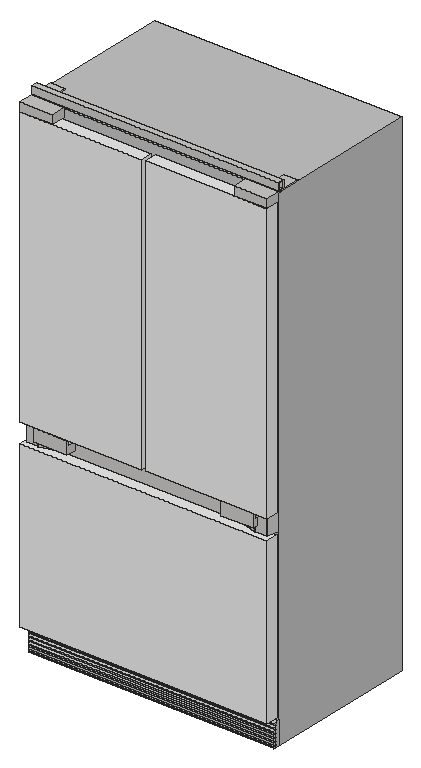
Revit family "FP_Revit_18_RS36A72J1_Fridge_90001165A", category Specialty Equipment, Revit 2018 (continued)
Definition of nested family "F&P Handle Kit - Contemporary Round - Vertical"
  Types (10, lengths in mm): name | Handle - Length | Description
    25374 AHS-ASBI-A - Contemporary round handle (1 of 2) (Vertical) 727mm | 727 | "Kit for RS36"
  Reference planes
    plane 1 "Center (Front/Back)": y = 0
    plane 2: z = 0
    plane 3 "Center (Left/Right)": x = 0
    plane 4 "Top": z = 363.5
    plane 5 "Bottom": z = -363.5
    plane 6 "Top Standoff": z = 243.5
    plane 7 "Bottom Standoff": z = -243.5
  Forms (mm)
    Extrusion 1, solid, material <- "Material - Handle"
      sketch origin (0, 0, 0) x (1, 0, 0) y (0, 1, 0)
        loop
          circle (0, -32.3) r 8.7
      from -243.5 to 243.5
    Extrusion 2, solid, material <- "Material - Handle", detail levels fine
      sketch origin (0, 0, 0) x (1, 0, 0) y (0, 1, 0)
        loop
          line (-8.7, 0) -> (-8.7, -32.3)
          arc (-8.7, -32.3) -> (0, -41) -> (8.7, -32.3) r 8.7
          line (8.7, -32.3) -> (8.7, 0) -> (-8.7, 0)
      from 243.5 to 363.5
    Extrusion 3, solid, material <- "Material - Handle", detail levels fine
      sketch origin (0, 0, 0) x (1, 0, 0) y (0, 1, 0)
        loop
          line (-8.7, 0) -> (-8.7, -32.3)
          arc (-8.7, -32.3) -> (0, -41) -> (8.7, -32.3) r 8.7
          line (8.7, -32.3) -> (8.7, 0) -> (-8.7, 0)
      from -363.5 to -243.5
    Sweep 4, void
      path in 3D
        loop
          line (8.7, 0, -363.5) -> (8.7, -32.3, -363.5)
          arc (8.7, -32.3, -363.5) -> (0, -41, -363.5) -> (-8.7, -32.3, -363.5) r 8.7
          line (-8.7, -32.3, -363.5) -> (-8.7, 0, -363.5)
      profile origin (8.7, -16.15, -363.5) x (-1, 0, 0) y (0, 0, -1)
        loop
          line (0, 0) -> (0, -1) -> (1, 0) -> (0, 0)
    Sweep 5, void
      path in 3D
        loop
          line (-8.7, 0, 363.5) -> (-8.7, -32.3, 363.5)
          arc (-8.7, -32.3, 363.5) -> (0, -41, 363.5) -> (8.7, -32.3, 363.5) r 8.7
          line (8.7, -32.3, 363.5) -> (8.7, 0, 363.5)
      profile origin (8.7, -16.15, 363.5) x (-1, 0, 0) y (0, 0, 1)
        loop
          line (0, 0) -> (0, -1) -> (1, 0) -> (0, 0)
    Extrusion 6, solid, material <- "Material - Handle", detail levels coarse+medium
      sketch origin (0, 0, 0) x (1, 0, 0) y (0, 1, 0)
        loop
          line (-8.7, 0) -> (-8.7, -32.3)
          arc (-8.7, -32.3) -> (0, -41) -> (8.7, -32.3) r 8.7
          line (8.7, -32.3) -> (8.7, 0) -> (-8.7, 0)
      from 243.5 to 363.5
    Extrusion 7, solid, material <- "Material - Handle", detail levels coarse+medium
      sketch origin (0, 0, 0) x (1, 0, 0) y (0, 1, 0)
        loop
          line (-8.7, 0) -> (-8.7, -32.3)
          arc (-8.7, -32.3) -> (0, -41) -> (8.7, -32.3) r 8.7
          line (8.7, -32.3) -> (8.7, 0) -> (-8.7, 0)
      from -363.5 to -243.5
  Cuts and joins
    Sweep 4 cuts Extrusion 3
    Sweep 5 cuts Extrusion 2
  Lines and regions (mm)
    sketch lines
      curve 1: line (8.7, 0, -363.5) -> (8.7, -32.3, -363.5)
      curve 2: arc (-8.7, -32.3, -363.5) -> (0, -41, -363.5) -> (8.7, -32.3, -363.5) r 8.7
      curve 3: line (-8.7, -32.3, -363.5) -> (-8.7, 0, -363.5)
      curve 4: line (8.7, -32.3, 363.5) -> (8.7, 0, 363.5)
      curve 5: arc (8.7, -32.3, 363.5) -> (0, -41, 363.5) -> (-8.7, -32.3, 363.5) r 8.7
      curve 6: line (-8.7, 0, 363.5) -> (-8.7, -32.3, 363.5)
  Dimensions and locks
    equal spacing: plane 4 "Top", level, plane 5 "Bottom"
    "Handle - Length": plane 4 "Top" to plane 5 "Bottom"
    locked: plane 4 "Top" to plane 6 "Top Standoff" at 120
    locked: plane 7 "Bottom Standoff" to plane 5 "Bottom" at 120
    Extrusion 2 sketch curve to Extrusion 2 sketch curve = 17.4 mm
    Extrusion 3 sketch curve to Extrusion 3 sketch curve = 17.4 mm
    Extrusion 6 sketch curve to Extrusion 6 sketch curve = 17.4 mm
    Extrusion 7 sketch curve to Extrusion 7 sketch curve = 17.4 mm
    aligned and locked: level to plane 2
    aligned and locked: plane 4 "Top" to Extrusion 2
    aligned and locked: Extrusion 3 to plane 5 "Bottom"
    aligned and locked: plane 7 "Bottom Standoff" to Extrusion 3
    aligned and locked: Extrusion 1 to plane 7 "Bottom Standoff"
    aligned and locked: plane 6 "Top Standoff" to Extrusion 1
    aligned and locked: Extrusion 2 to Extrusion 1
    aligned and locked: Extrusion 6 to Extrusion 1
    aligned and locked: plane 4 "Top" to Extrusion 6
    aligned and locked: Extrusion 7 to Extrusion 1
    aligned and locked: Extrusion 7 to plane 5 "Bottom"
  Automatic sketch dimensions
    Extrusion 1 sketch curve to plane 3 "Center (Left/Right)" = 0 mm
    plane 1 "Center (Front/Back)" to Extrusion 1 sketch curve = 32.3 mm
    plane 1 "Center (Front/Back)" to Extrusion 2 sketch curve = 0 mm
    Extrusion 2 sketch curve to plane 3 "Center (Left/Right)" = 0 mm
    Extrusion 2 sketch curve to plane 3 "Center (Left/Right)" = 8.7 mm
    plane 1 "Center (Front/Back)" to Extrusion 2 sketch curve = 32.3 mm
    plane 1 "Center (Front/Back)" to Extrusion 3 sketch curve = 0 mm
    Extrusion 3 sketch curve to plane 3 "Center (Left/Right)" = 0 mm
    Extrusion 3 sketch curve to plane 3 "Center (Left/Right)" = 8.7 mm
    plane 1 "Center (Front/Back)" to Extrusion 3 sketch curve = 32.3 mm
    Sweep 4 sketch curve to profile plane = 0 mm  (x2)
    Sweep 4 sketch curve to profile plane = 1 mm  (x2)
    Sweep 5 sketch curve to profile plane = 0 mm  (x2)
    Sweep 5 sketch curve to profile plane = 1 mm  (x2)
    Extrusion 6 sketch curve to plane 3 "Center (Left/Right)" = 0 mm
    Extrusion 6 sketch curve to plane 3 "Center (Left/Right)" = 8.7 mm
    plane 1 "Center (Front/Back)" to Extrusion 6 sketch curve = 32.3 mm
    Extrusion 6 sketch curve to Extrusion 6 sketch curve = 32.3 mm
    Extrusion 7 sketch curve to plane 3 "Center (Left/Right)" = 0 mm
    Extrusion 7 sketch curve to plane 3 "Center (Left/Right)" = 8.7 mm
    plane 1 "Center (Front/Back)" to Extrusion 7 sketch curve = 32.3 mm
    Extrusion 7 sketch curve to Extrusion 7 sketch curve = 32.3 mm
    radius of Extrusion 1 sketch curve = 8.7 mm
Definition of nested family "F&P Handle Kit - Contemporary Square Fine - Horizontal"
  Parameters (values of type "AHD5RD2484W - Contemporary square fine handle (2 of 2) (Horizontal) 494mm")
    URL = "www.fisherpaykel.com"
    Material - Handle = none
    Manufacturer = "Fisher & Paykel Appliances"
    Handle - Length = 494 mm
  Types (15, lengths in mm): name | Handle - Length
    (no name) | 494
    AHD5RD2484W - Contemporary square fine handle (2 of 2) (Horizontal) 494mm | 494
    AHD5RD2484WB - Contemporary square fine black handle (2 of 2) (Horizontal) 494mm | 494
    AHD5RD3084W - Contemporary square fine handle (2 of 2) (Horizontal) 646mm | 646
    AHD5RD3084WB - Contemporary square fine black handle (2 of 2) (Horizontal) 646mm | 646
    AHD5RD7621W - Contemporary square fine handle (2 of 2) (Horizontal) 646mm | 646
    AHD5RD7621WB - Contemporary square fine handle black (2 of 2) (Horizontal) 646mm | 646
    AHD5RD6121W - Contemporary square fine handle (2 of 2) (Horizontal) 494mm | 494
    AHD5RD6121WB - Contemporary square fine handle black (2 of 2) (Horizontal) 494mm | 494
    AHD5RD36A - Contemporary square fine handle (2 of 2) (Horizontal) 746mm | 746
    AHD5RD36AB - Contemporary square fine black handle (2 of 2) (Horizontal) 746mm | 746
    AHD5RD90A - Contemporary square fine handle (2 of 2) (Horizontal) 746mm | 746
    AHD5RD80A - Contemporary square fine handle (2 of 2) (Horizontal) 646mm | 646
    AHD5RD80AB - Contemporary square fine black handle (2 of 2) (Horizontal) 646mm | 646
    AHD5RD90AB - Contemporary square fine black handle (2 of 2) (Horizontal) 746mm | 746
  Reference planes
    plane 1 "Center (Front/Back)": y = 0
    plane 2: z = 0
    plane 3 "Center (Left/Right)": x = 0
    plane 4 "Product LHS": x = -247
    plane 5 "Product RHS": x = 247
    plane 6 "LHS Standoff": x = -126.995
    plane 7 "RHS Standoff": x = 127.005
  Forms (mm)
    Extrusion 1, solid, material <- "Material - Handle", detail levels fine
      sketch origin (0, 0, 0) x (0, 1, 0) y (0, 0, 1)
        loop
          arc (-26.813, 6.16) -> (-27.196, 6.554) -> (-27.728, 6.686) r 1
          line (-27.728, 6.686) -> (-40.035, 6.256)
          arc (-40.035, 6.256) -> (-40.719, 5.951) -> (-41, 5.257) r 1
          line (-41, 5.257) -> (-41, -5.257)
          arc (-41, -5.257) -> (-40.719, -5.951) -> (-40.035, -6.256) r 1
          line (-40.035, -6.256) -> (-27.709, -6.686)
          arc (-27.709, -6.686) -> (-27.175, -6.554) -> (-26.792, -6.158) r 1
          arc (-26.792, -6.158) -> (-25.256, 0.004) -> (-26.813, 6.16) r 13.038
      from -247 to 247
    Extrusion 2, solid, material <- "Material - Handle", detail levels fine
      sketch origin (0, 0, 0) x (0, 1, 0) y (0, 0, 1)
        loop
          arc (-26.626, -6.008) -> (-26.614, -6.49) -> (-26.2, -6.737) r 0.5
          line (-26.2, -6.737) -> (0, -7.696) -> (0, 7.704) -> (-26.174, 6.747)
          arc (-26.174, 6.747) -> (-26.587, 6.5) -> (-26.6, 6.019) r 0.5
          arc (-26.6, 6.019) -> (-25.156, 0.002) -> (-26.626, -6.008) r 13.136
      from 127.005 to 247
    Extrusion 3, solid, material <- "Material - Handle", detail levels coarse+medium
      sketch origin (0, 0, 0) x (1, 0, 0) y (0, 1, 0)
        loop
          line (-247, -42) -> (247, -42) -> (247, 0) -> (127.005, 0) -> (127.005, -26.156) -> (-126.995, -26.156) -> (-126.995, 0) -> (-247, 0) -> (-247, -42)
      from -8.022 to 7.978
    Extrusion 4, solid, material <- "Material - Handle", detail levels fine
      sketch origin (0, 0, 0) x (0, 1, 0) y (0, 0, 1)
        loop
          arc (-26.626, -6.008) -> (-26.614, -6.49) -> (-26.2, -6.737) r 0.5
          line (-26.2, -6.737) -> (0, -7.696) -> (0, 7.704) -> (-26.174, 6.747)
          arc (-26.174, 6.747) -> (-26.587, 6.5) -> (-26.6, 6.019) r 0.5
          arc (-26.6, 6.019) -> (-25.156, 0.002) -> (-26.626, -6.008) r 13.136
      from -247 to -126.995
  Dimensions and locks
    equal spacing: plane 4 "Product LHS", plane 3 "Center (Left/Right)", plane 5 "Product RHS"
    "Handle - Length": plane 4 "Product LHS" to plane 5 "Product RHS"
    locked: plane 4 "Product LHS" to plane 6 "LHS Standoff" at 120.005
    locked: plane 7 "RHS Standoff" to plane 5 "Product RHS" at 119.995
    aligned and locked: level to plane 2
    aligned and locked: Extrusion 1 to plane 5 "Product RHS"
    aligned and locked: plane 4 "Product LHS" to Extrusion 1
    aligned and locked: Extrusion 2 to plane 5 "Product RHS"
    aligned and locked: plane 4 "Product LHS" to Extrusion 3 sketch curve
    aligned and locked: Extrusion 3 sketch curve to plane 5 "Product RHS"
    aligned and locked: Extrusion 3 sketch curve to plane 7 "RHS Standoff"
    aligned and locked: plane 6 "LHS Standoff" to Extrusion 3 sketch curve
    aligned and locked: plane 4 "Product LHS" to Extrusion 4
    aligned and locked: plane 6 "LHS Standoff" to Extrusion 4
    aligned and locked: Extrusion 2 to plane 7 "RHS Standoff"
  Automatic sketch dimensions
    Extrusion 1 sketch curve to level = 5.257 mm
    plane 1 "Center (Front/Back)" to Extrusion 1 sketch curve = 41 mm
    level to Extrusion 1 sketch curve = 6.256 mm
    Extrusion 1 sketch curve to Extrusion 1 sketch curve = 0.965 mm  (x2)
    Extrusion 1 sketch curve to level = 6.256 mm
    Extrusion 1 sketch curve to Extrusion 1 sketch curve = 0.035 mm  (x3)
    Extrusion 1 sketch curve to level = 0.018 mm
    Extrusion 1 sketch curve to Extrusion 1 sketch curve = 1.706 mm
    level to Extrusion 1 sketch curve = 6.686 mm
    Extrusion 1 sketch curve to Extrusion 1 sketch curve = 12.307 mm
    Extrusion 1 sketch curve to level = 6.686 mm
    Extrusion 1 sketch curve to Extrusion 1 sketch curve = 12.326 mm
    Extrusion 1 sketch curve to Extrusion 1 sketch curve = 0.999 mm  (x2)
    Extrusion 1 sketch curve to Extrusion 1 sketch curve = 0 mm
    Extrusion 2 sketch curve to plane 1 "Center (Front/Back)" = 0 mm
    level to Extrusion 2 sketch curve = 6.247 mm
    plane 1 "Center (Front/Back)" to Extrusion 2 sketch curve = 26.155 mm
    level to Extrusion 2 sketch curve = 6.747 mm
    Extrusion 2 sketch curve to Extrusion 2 sketch curve = 0.018 mm  (x2)
    Extrusion 2 sketch curve to level = 6.238 mm
    Extrusion 2 sketch curve to Extrusion 2 sketch curve = 0.026 mm
    Extrusion 2 sketch curve to level = 6.737 mm
    level to Extrusion 2 sketch curve = 0.03 mm
    Extrusion 2 sketch curve to Extrusion 2 sketch curve = 12.11 mm
    Extrusion 2 sketch curve to level = 7.696 mm
    level to Extrusion 2 sketch curve = 7.704 mm
    Extrusion 2 sketch curve to Extrusion 2 sketch curve = 0 mm
    plane 1 "Center (Front/Back)" to Extrusion 3 sketch curve = 42 mm
    Extrusion 3 sketch curve to Extrusion 3 sketch curve = 15.844 mm
    Extrusion 3 sketch curve to Extrusion 3 sketch curve = 26.156 mm  (x2)
    level to Extrusion 4 sketch curve = 0.03 mm
    plane 1 "Center (Front/Back)" to Extrusion 4 sketch curve = 38.291 mm
    Extrusion 4 sketch curve to level = 6.737 mm
    Extrusion 4 sketch curve to Extrusion 4 sketch curve = 12.091 mm
    Extrusion 4 sketch curve to Extrusion 4 sketch curve = 0.018 mm  (x2)
    level to Extrusion 4 sketch curve = 6.747 mm
    Extrusion 4 sketch curve to Extrusion 4 sketch curve = 0.008 mm
    level to Extrusion 4 sketch curve = 7.704 mm
    Extrusion 4 sketch curve to Extrusion 4 sketch curve = 26.174 mm
    Extrusion 4 sketch curve to level = 7.696 mm
    Extrusion 4 sketch curve to Extrusion 4 sketch curve = 0.5 mm  (x2)
    Extrusion 4 sketch curve to Extrusion 4 sketch curve = 0 mm
Definition of nested family "F&P Handle Kit - Contemporary Square Fine - Vertical"
  Parameters (values of type "AHD5RD90AB - Contemporary square fine black handle (1 of 2) (Vertical) 727mm")
    URL = "www.fisherpaykel.com"
    Material - Handle = none
    Manufacturer = "Fisher & Paykel Appliances"
    Handle - Length = 727 mm
  Types (14): name
    AHD5RD2484W - Contemporary square fine handle (1 of 2) (Vertical) 727mm
    AHD5RD2484WB - Contemporary square fine black handle (1 of 2) (Vertical) 727mm
    AHD5RD3084W - Contemporary square fine handle (1 of 2) (Vertical) 727mm
    AHD5RD3084WB - Contemporary square fine black handle (1 of 2) (Vertical) 727mm
    AHD5RD6121W - Contemporary square fine handle (1 of 2) (Vertical) 727mm
    AHD5RD6121WB - Contemporary square fine black handle (1 of 2) (Vertical) 727mm
    AHD5RD7621W - Contemporary square fine handle (1 of 2) (Vertical) 727mm
    AHD5RD7621WB - Contemporary square fine black handle (1 of 2) (Vertical) 727mm
    AHD5RD36A - Contemporary square fine handle (1 of 2) (Vertical) 727mm
    AHD5RD36AB - Contemporary square fine black handle (1 of 2) (Vertical) 727mm
    AHD5RD80A - Contemporary square fine handle (1 of 2) (Vertical) 727mm
    AHD5RD90A - Contemporary square fine handle (1 of 2) (Vertical) 727mm
    AHD5RD80AB - Contemporary square fine black handle (1 of 2) (Vertical) 727mm
    AHD5RD90AB - Contemporary square fine black handle (1 of 2) (Vertical) 727mm
  Reference planes
    plane 1 "Center (Front/Back)": y = 0
    plane 2: z = 0
    plane 3 "Center (Left/Right)": x = 0
    plane 4 "Top": z = 363.5
    plane 5 "Bottom": z = -363.5
    plane 6 "Top Standoff": z = 243.5
    plane 7 "Bottom Standoff": z = -243.5
  Forms (mm)
    Extrusion 1, solid, material <- "Material - Handle", detail levels fine
      sketch origin (0, 0, 0) x (1, 0, 0) y (0, 1, 0)
        loop
          arc (-6.16, -26.813) -> (-6.554, -27.196) -> (-6.686, -27.728) r 1
          line (-6.686, -27.728) -> (-6.256, -40.035)
          arc (-6.256, -40.035) -> (-5.951, -40.719) -> (-5.257, -41) r 1
          line (-5.257, -41) -> (5.257, -41)
          arc (5.257, -41) -> (5.951, -40.719) -> (6.256, -40.035) r 1
          line (6.256, -40.035) -> (6.686, -27.709)
          arc (6.686, -27.709) -> (6.554, -27.175) -> (6.158, -26.792) r 1
          arc (6.158, -26.792) -> (-0.004, -25.256) -> (-6.16, -26.813) r 13.038
      from -363.5 to 363.5
    Extrusion 2, solid, material <- "Material - Handle", detail levels fine
      sketch origin (0, 0, 0) x (1, 0, 0) y (0, 1, 0)
        loop
          arc (6.012, -26.626) -> (6.494, -26.614) -> (6.741, -26.2) r 0.5
          line (6.741, -26.2) -> (7.7, 0) -> (-7.7, 0) -> (-6.742, -26.174)
          arc (-6.742, -26.174) -> (-6.496, -26.587) -> (-6.015, -26.6) r 0.5
          arc (-6.015, -26.6) -> (0.002, -25.156) -> (6.012, -26.626) r 13.136
      from 243.5 to 363.5
    Extrusion 3, solid, material <- "Material - Handle", detail levels coarse+medium
      sketch origin (0, 0, 0) x (0, 1, 0) y (0, 0, 1)
        loop
          line (0, 363.5) -> (-42, 363.5) -> (-42, -363.5) -> (0, -363.5) -> (0, -243.5) -> (-26.245, -243.5) -> (-26.245, 243.5) -> (0, 243.5) -> (0, 363.5)
      from -8 to 8
    Extrusion 4, solid, material <- "Material - Handle", detail levels fine
      sketch origin (0, 0, 0) x (1, 0, 0) y (0, 1, 0)
        loop
          arc (6.012, -26.626) -> (6.494, -26.614) -> (6.741, -26.2) r 0.5
          line (6.741, -26.2) -> (7.7, 0) -> (-7.7, 0) -> (-6.742, -26.174)
          arc (-6.742, -26.174) -> (-6.496, -26.587) -> (-6.015, -26.6) r 0.5
          arc (-6.015, -26.6) -> (0.002, -25.156) -> (6.012, -26.626) r 13.136
      from -363.5 to -243.5
  Dimensions and locks
    equal spacing: plane 4 "Top", level, plane 5 "Bottom"
    "Handle - Length": plane 4 "Top" to plane 5 "Bottom"
    locked: plane 4 "Top" to plane 6 "Top Standoff" at 120
    locked: plane 7 "Bottom Standoff" to plane 5 "Bottom" at 120
    aligned and locked: level to plane 2
    aligned and locked: plane 4 "Top" to Extrusion 2
    aligned and locked: Extrusion 2 to plane 6 "Top Standoff"
    aligned and locked: plane 4 "Top" to Extrusion 1
    aligned and locked: Extrusion 1 to plane 5 "Bottom"
    aligned and locked: plane 4 "Top" to Extrusion 3 sketch curve
    aligned and locked: plane 6 "Top Standoff" to Extrusion 3 sketch curve
    aligned and locked: plane 7 "Bottom Standoff" to Extrusion 3 sketch curve
    aligned and locked: plane 5 "Bottom" to Extrusion 3 sketch curve
    aligned and locked: Extrusion 4 to plane 5 "Bottom"
    aligned and locked: plane 7 "Bottom Standoff" to Extrusion 4
  Automatic sketch dimensions
    Extrusion 1 sketch curve to plane 3 "Center (Left/Right)" = 6.686 mm
    Extrusion 1 sketch curve to plane 3 "Center (Left/Right)" = 6.256 mm
    Extrusion 1 sketch curve to Extrusion 1 sketch curve = 0.999 mm  (x4)
    plane 3 "Center (Left/Right)" to Extrusion 1 sketch curve = 0.018 mm
    plane 3 "Center (Left/Right)" to Extrusion 1 sketch curve = 5.257 mm
    plane 3 "Center (Left/Right)" to Extrusion 1 sketch curve = 5.687 mm
    plane 1 "Center (Front/Back)" to Extrusion 1 sketch curve = 41 mm
    Extrusion 1 sketch curve to Extrusion 1 sketch curve = 0.965 mm  (x2)
    Extrusion 1 sketch curve to Extrusion 1 sketch curve = 1.706 mm
    Extrusion 1 sketch curve to Extrusion 1 sketch curve = 12.307 mm
    Extrusion 1 sketch curve to Extrusion 1 sketch curve = 12.326 mm
    Extrusion 1 sketch curve to Extrusion 1 sketch curve = 0.035 mm  (x2)
    Extrusion 1 sketch curve to Extrusion 1 sketch curve = 0 mm
    plane 1 "Center (Front/Back)" to Extrusion 2 sketch curve = 0 mm
    Extrusion 2 sketch curve to plane 3 "Center (Left/Right)" = 7.7 mm
    Extrusion 2 sketch curve to plane 3 "Center (Left/Right)" = 6.742 mm
    Extrusion 2 sketch curve to Extrusion 2 sketch curve = 0.5 mm  (x2)
    Extrusion 2 sketch curve to plane 3 "Center (Left/Right)" = 0.026 mm
    plane 3 "Center (Left/Right)" to Extrusion 2 sketch curve = 6.242 mm
    plane 3 "Center (Left/Right)" to Extrusion 2 sketch curve = 7.7 mm
    plane 1 "Center (Front/Back)" to Extrusion 2 sketch curve = 26.155 mm
    Extrusion 2 sketch curve to Extrusion 2 sketch curve = 0.018 mm  (x2)
    Extrusion 2 sketch curve to Extrusion 2 sketch curve = 0.026 mm
    Extrusion 2 sketch curve to Extrusion 2 sketch curve = 12.11 mm
    Extrusion 2 sketch curve to Extrusion 2 sketch curve = 0 mm
    plane 1 "Center (Front/Back)" to Extrusion 3 sketch curve = 42 mm
    Extrusion 3 sketch curve to Extrusion 3 sketch curve = 15.755 mm
    Extrusion 3 sketch curve to Extrusion 3 sketch curve = 42 mm  (x2)
    Extrusion 4 sketch curve to plane 3 "Center (Left/Right)" = 7.7 mm
    Extrusion 4 sketch curve to plane 3 "Center (Left/Right)" = 6.742 mm
    Extrusion 4 sketch curve to Extrusion 4 sketch curve = 0.5 mm  (x2)
    Extrusion 4 sketch curve to plane 3 "Center (Left/Right)" = 0.026 mm
    plane 3 "Center (Left/Right)" to Extrusion 4 sketch curve = 6.242 mm
    plane 3 "Center (Left/Right)" to Extrusion 4 sketch curve = 7.7 mm
    plane 1 "Center (Front/Back)" to Extrusion 4 sketch curve = 38.291 mm
    Extrusion 4 sketch curve to Extrusion 4 sketch curve = 12.091 mm
    Extrusion 4 sketch curve to Extrusion 4 sketch curve = 0.018 mm  (x2)
    Extrusion 4 sketch curve to Extrusion 4 sketch curve = 0.452 mm
    Extrusion 4 sketch curve to Extrusion 4 sketch curve = 26.174 mm
    Extrusion 4 sketch curve to Extrusion 4 sketch curve = 0 mm
Definition of nested family "F&P Handle Kit - Professional Round - Horizontal"
  Parameters (values of type "AHCRS3272A - Professional round handle (2 of 2) (Horizontal) 646mm")
    URL = "www.fisherpaykel.com"
    Material - Standoff = none
    Material - Handle = none
    Manufacturer = "Fisher & Paykel Appliances"
    Handle - Length = 646 mm
  Types (5, lengths in mm): name | Handle - Length
    AHCRD2484W - Professional round handle (2 of 2) (Horizontal) 428mm | 428
    AHCRD3084W - Professional round handle (2 of 2) (Horizontal) 580mm | 646
    AHCRS3272A - Professional round handle (2 of 2) (Horizontal) 646mm | 646
    AHCRS36A - Professional round handle (2 of 2) (Horizontal) 746mm | 746
    AHCRS3272A - Professional round handle (2 of 2) (Horizontal) 580mm | 646
  Reference planes
    plane 1 "Center (Front/Back)": y = 0
    plane 2: z = 0
    plane 3 "Center (Left/Right)": x = 0
    plane 4 "Product LHS": x = -323
    plane 5 "Product RHS": x = 323
    plane 6 "LHS Standoff": x = -279
    plane 7 "RHS Standoff": x = 279
  Forms (mm)
    Extrusion 1, solid, material <- "Material - Standoff", detail levels fine
      sketch origin (0, 0, 0) x (0, 1, 0) y (0, 0, 1)
        loop
          line (0, 18.5) -> (-41.7, 18.5)
          arc (-41.7, 18.5) -> (-60.2, 0) -> (-41.7, -18.5) r 18.5
          line (-41.7, -18.5) -> (0, -18.5) -> (0, 18.5)
      from 279 to 323
    Extrusion 2, solid, material <- "Material - Standoff", detail levels fine
      sketch origin (0, 0, 0) x (0, 1, 0) y (0, 0, 1)
        loop
          line (0, 18.5) -> (-41.7, 18.5)
          arc (-41.7, 18.5) -> (-60.2, 0) -> (-41.7, -18.5) r 18.5
          line (-41.7, -18.5) -> (0, -18.5) -> (0, 18.5)
      from -323 to -279
    Sweep 3, void
      path in 3D
        loop
          line (323, 0, 18.5) -> (323, -41.7, 18.5)
          arc (323, -41.7, 18.5) -> (323, -60.2, 0) -> (323, -41.7, -18.5) r 18.5
          line (323, -41.7, -18.5) -> (323, 0, -18.5)
      profile origin (323, -20.85, 18.5) x (1, 0, 0) y (0, 0, 1)
        loop
          line (0, 0) -> (-3, 0) -> (0, -3) -> (0, 0)
    Sweep 4, void
      path in 3D
        loop
          line (-323, 0, -18.5) -> (-323, -41.7, -18.5)
          arc (-323, -41.7, -18.5) -> (-323, -60.2, 0) -> (-323, -41.7, 18.5) r 18.5
          line (-323, -41.7, 18.5) -> (-323, 0, 18.5)
      profile origin (-323, -20.85, 18.5) x (-1, 0, 0) y (0, 0, 1)
        loop
          line (0, 0) -> (-3, 0) -> (0, -3) -> (0, 0)
    Extrusion 5, solid, material <- "Material - Handle"
      sketch origin (0, -2.3, 0) x (0, 1, 0) y (0, 0, 1)
        loop
          circle (-39.4, 0) r 12.7
      from -279 to 279
    Extrusion 6, solid, material <- "Material - Standoff", detail levels coarse+medium
      sketch origin (0, 0, 0) x (0, 1, 0) y (0, 0, 1)
        loop
          line (0, 18.5) -> (-41.7, 18.5)
          arc (-41.7, 18.5) -> (-60.2, 0) -> (-41.7, -18.5) r 18.5
          line (-41.7, -18.5) -> (0, -18.5) -> (0, 18.5)
      from 323 to 279
    Extrusion 7, solid, material <- "Material - Standoff", detail levels coarse+medium
      sketch origin (0, 0, 0) x (0, 1, 0) y (0, 0, 1)
        loop
          line (0, 18.5) -> (-41.7, 18.5)
          arc (-41.7, 18.5) -> (-60.2, 0) -> (-41.7, -18.5) r 18.5
          line (-41.7, -18.5) -> (0, -18.5) -> (0, 18.5)
      from -279 to -323
  Cuts and joins
    Sweep 3 cuts Extrusion 1
    Sweep 4 cuts Extrusion 2
  Lines and regions (mm)
    sketch lines
      curve 1: line (323, 0, 18.5) -> (323, -41.7, 18.5)
      curve 2: arc (323, -41.7, -18.5) -> (323, -60.2, 0) -> (323, -41.7, 18.5) r 18.5
      curve 3: line (323, -41.7, -18.5) -> (323, 0, -18.5)
      curve 4: line (-323, -41.7, 18.5) -> (-323, 0, 18.5)
      curve 5: arc (-323, -41.7, 18.5) -> (-323, -60.2, 0) -> (-323, -41.7, -18.5) r 18.5
      curve 6: line (-323, 0, -18.5) -> (-323, -41.7, -18.5)
  Dimensions and locks
    equal spacing: plane 4 "Product LHS", plane 3 "Center (Left/Right)", plane 5 "Product RHS"
    "Handle - Length": plane 4 "Product LHS" to plane 5 "Product RHS"
    plane 4 "Product LHS" to plane 6 "LHS Standoff" = 44 mm
    plane 7 "RHS Standoff" to plane 5 "Product RHS" = 44 mm
    aligned and locked: level to plane 2
    aligned and locked: Extrusion 1 to plane 7 "RHS Standoff"
    aligned and locked: Extrusion 1 to plane 5 "Product RHS"
    aligned and locked: plane 4 "Product LHS" to Extrusion 2
    aligned and locked: plane 6 "LHS Standoff" to Extrusion 2
    aligned and locked: Extrusion 5 to plane 6 "LHS Standoff"
    aligned and locked: plane 7 "RHS Standoff" to Extrusion 5
    aligned and locked: plane 5 "Product RHS" to Extrusion 6
    aligned and locked: plane 7 "RHS Standoff" to Extrusion 6
    aligned and locked: Extrusion 7 to plane 4 "Product LHS"
    aligned and locked: Extrusion 7 to plane 6 "LHS Standoff"
  Automatic sketch dimensions
    Extrusion 1 sketch curve to level = 0 mm
    Extrusion 1 sketch curve to plane 1 "Center (Front/Back)" = 0 mm
    Extrusion 1 sketch curve to level = 18.5 mm
    plane 1 "Center (Front/Back)" to Extrusion 1 sketch curve = 41.7 mm
    Extrusion 2 sketch curve to level = 0 mm
    Extrusion 2 sketch curve to plane 1 "Center (Front/Back)" = 0 mm
    Extrusion 2 sketch curve to level = 18.5 mm
    plane 1 "Center (Front/Back)" to Extrusion 2 sketch curve = 41.7 mm
    Sweep 3 sketch curve to profile plane = 0 mm
    profile plane to Sweep 3 sketch curve = 0 mm
    profile plane to Sweep 3 sketch curve = 3 mm
    Sweep 3 sketch curve to profile plane = 3 mm
    Sweep 4 sketch curve to profile plane = 0 mm  (x2)
    profile plane to Sweep 4 sketch curve = 3 mm
    Sweep 4 sketch curve to profile plane = 3 mm
    Extrusion 5 sketch curve to level = 0 mm
    plane 1 "Center (Front/Back)" to Extrusion 5 sketch curve = 41.7 mm
    Extrusion 6 sketch curve to level = 0 mm
    level to Extrusion 6 sketch curve = 18.5 mm
    plane 1 "Center (Front/Back)" to Extrusion 6 sketch curve = 41.7 mm
    Extrusion 6 sketch curve to Extrusion 6 sketch curve = 41.7 mm
    Extrusion 7 sketch curve to level = 0 mm
    level to Extrusion 7 sketch curve = 18.5 mm
    plane 1 "Center (Front/Back)" to Extrusion 7 sketch curve = 41.7 mm
    Extrusion 7 sketch curve to Extrusion 7 sketch curve = 41.7 mm
    radius of Extrusion 5 sketch curve = 12.7 mm
Definition of nested family "F&P Handle Kit - Professional Round - Vertical"
  Parameters (values of type "AHCRS36A - Professional round handle (1 of 2) (Vertical) 661mm")
    URL = "www.fisherpaykel.com"
    Material - Standoff = none
    Material - Handle = none
    Manufacturer = "Fisher & Paykel Appliances"
    Handle - Length = 661 mm
  Types (5, lengths in mm): name | Handle - Length
    AHCRD2484W - Professional round handle (1 of 2) (Vertical) 661mm | 661
    AHCRD3084W - Professional round handle (1 of 2) (Vertical) 661mm | 661
    AHC-RD84 - Professional round handle (Vertical) 786mm | 786
    AHCRS3272A - Professional round handle (1 of 2) (Vertical) 661mm | 661
    AHCRS36A - Professional round handle (1 of 2) (Vertical) 661mm | 661
  Reference planes
    plane 1 "Center (Front/Back)": y = 0
    plane 2: z = 0
    plane 3 "Center (Left/Right)": x = 0
    plane 4 "Top": z = 330.5
    plane 5 "Bottom": z = -330.5
    plane 6 "Top Standoff": z = 286.5
    plane 7 "Bottom Standoff": z = -286.5
  Forms (mm)
    Extrusion 1, solid, material <- "Material - Standoff", detail levels fine
      sketch origin (0, 0, 0) x (1, 0, 0) y (0, 1, 0)
        loop
          line (-18.5, 0) -> (-18.5, -41.7)
          arc (-18.5, -41.7) -> (0, -60.2) -> (18.5, -41.7) r 18.5
          line (18.5, -41.7) -> (18.5, 0) -> (-18.5, 0)
      from 286.5 to 330.5
    Extrusion 2, solid, material <- "Material - Standoff", detail levels fine
      sketch origin (0, 0, 0) x (1, 0, 0) y (0, 1, 0)
        loop
          line (-18.5, 0) -> (-18.5, -41.7)
          arc (-18.5, -41.7) -> (0, -60.2) -> (18.5, -41.7) r 18.5
          line (18.5, -41.7) -> (18.5, 0) -> (-18.5, 0)
      from -330.5 to -286.5
    Extrusion 3, solid, material <- "Material - Handle"
      sketch origin (0, 0, 0) x (1, 0, 0) y (0, 1, 0)
        loop
          circle (0, -41.7) r 12.7
      from -286.5 to 286.5
    Sweep 4, void
      path in 3D
        loop
          line (-18.5, 0, 330.5) -> (-18.5, -41.7, 330.5)
          arc (-18.5, -41.7, 330.5) -> (0, -60.2, 330.5) -> (18.5, -41.7, 330.5) r 18.5
          line (18.5, -41.7, 330.5) -> (18.5, 0, 330.5)
      profile origin (18.5, -20.85, 330.5) x (-1, 0, 0) y (0, 0, 1)
        loop
          line (0, 0) -> (0, -3) -> (3, 0) -> (0, 0)
    Sweep 5, void
      path in 3D
        loop
          line (18.5, 0, -330.5) -> (18.5, -41.7, -330.5)
          arc (18.5, -41.7, -330.5) -> (0, -60.2, -330.5) -> (-18.5, -41.7, -330.5) r 18.5
          line (-18.5, -41.7, -330.5) -> (-18.5, 0, -330.5)
      profile origin (18.5, -20.85, -330.5) x (-1, 0, 0) y (0, 0, -1)
        loop
          line (0, 0) -> (0, -3) -> (3, 0) -> (0, 0)
    Extrusion 6, solid, material <- "Material - Standoff", detail levels coarse+medium
      sketch origin (0, 0, 0) x (1, 0, 0) y (0, 1, 0)
        loop
          line (-18.5, 0) -> (-18.5, -41.7)
          arc (-18.5, -41.7) -> (0, -60.2) -> (18.5, -41.7) r 18.5
          line (18.5, -41.7) -> (18.5, 0) -> (-18.5, 0)
      from 286.5 to 330.5
    Extrusion 7, solid, material <- "Material - Standoff", detail levels coarse+medium
      sketch origin (0, 0, 0) x (1, 0, 0) y (0, 1, 0)
        loop
          line (-18.5, 0) -> (-18.5, -41.7)
          arc (-18.5, -41.7) -> (0, -60.2) -> (18.5, -41.7) r 18.5
          line (18.5, -41.7) -> (18.5, 0) -> (-18.5, 0)
      from -330.5 to -286.5
  Cuts and joins
    Sweep 4 cuts Extrusion 1
    Sweep 5 cuts Extrusion 2
  Lines and regions (mm)
    sketch lines
      curve 1: line (18.5, -41.7, 330.5) -> (18.5, 0, 330.5)
      curve 2: arc (18.5, -41.7, 330.5) -> (0, -60.2, 330.5) -> (-18.5, -41.7, 330.5) r 18.5
      curve 3: line (-18.5, 0, 330.5) -> (-18.5, -41.7, 330.5)
      curve 4: line (18.5, 0, -330.5) -> (18.5, -41.7, -330.5)
      curve 5: arc (-18.5, -41.7, -330.5) -> (0, -60.2, -330.5) -> (18.5, -41.7, -330.5) r 18.5
      curve 6: line (-18.5, -41.7, -330.5) -> (-18.5, 0, -330.5)
  Dimensions and locks
    equal spacing: plane 4 "Top", level, plane 5 "Bottom"
    "Handle - Length": plane 4 "Top" to plane 5 "Bottom"
    plane 4 "Top" to plane 6 "Top Standoff" = 44 mm
    plane 7 "Bottom Standoff" to plane 5 "Bottom" = 44 mm
    aligned and locked: level to plane 2
    aligned and locked: plane 4 "Top" to Extrusion 1
    aligned and locked: Extrusion 1 to plane 6 "Top Standoff"
    aligned and locked: Extrusion 2 to plane 5 "Bottom"
    aligned and locked: plane 7 "Bottom Standoff" to Extrusion 2
    aligned and locked: plane 6 "Top Standoff" to Extrusion 3
    aligned and locked: Extrusion 3 to plane 7 "Bottom Standoff"
    aligned and locked: plane 4 "Top" to Extrusion 6
    aligned and locked: Extrusion 7 to plane 5 "Bottom"
    aligned and locked: plane 7 "Bottom Standoff" to Extrusion 7
    aligned and locked: Extrusion 6 to plane 6 "Top Standoff"
  Automatic sketch dimensions
    plane 1 "Center (Front/Back)" to Extrusion 1 sketch curve = 0 mm
    Extrusion 1 sketch curve to plane 3 "Center (Left/Right)" = 0 mm
    Extrusion 1 sketch curve to plane 3 "Center (Left/Right)" = 18.5 mm
    plane 1 "Center (Front/Back)" to Extrusion 1 sketch curve = 41.7 mm
    plane 1 "Center (Front/Back)" to Extrusion 2 sketch curve = 0 mm
    Extrusion 2 sketch curve to plane 3 "Center (Left/Right)" = 0 mm
    Extrusion 2 sketch curve to plane 3 "Center (Left/Right)" = 18.5 mm
    plane 1 "Center (Front/Back)" to Extrusion 2 sketch curve = 41.7 mm
    Extrusion 3 sketch curve to plane 3 "Center (Left/Right)" = 0 mm
    plane 1 "Center (Front/Back)" to Extrusion 3 sketch curve = 41.7 mm
    Sweep 4 sketch curve to profile plane = 0 mm  (x2)
    Sweep 4 sketch curve to profile plane = 3 mm  (x2)
    Sweep 5 sketch curve to profile plane = 0 mm  (x2)
    Sweep 5 sketch curve to profile plane = 3 mm  (x2)
    Extrusion 6 sketch curve to plane 3 "Center (Left/Right)" = 0 mm
    Extrusion 6 sketch curve to plane 3 "Center (Left/Right)" = 18.5 mm
    plane 1 "Center (Front/Back)" to Extrusion 6 sketch curve = 41.7 mm
    Extrusion 6 sketch curve to Extrusion 6 sketch curve = 41.7 mm
    Extrusion 7 sketch curve to plane 3 "Center (Left/Right)" = 0 mm
    Extrusion 7 sketch curve to plane 3 "Center (Left/Right)" = 18.5 mm
    plane 1 "Center (Front/Back)" to Extrusion 7 sketch curve = 41.7 mm
    Extrusion 7 sketch curve to Extrusion 7 sketch curve = 41.7 mm
    radius of Extrusion 3 sketch curve = 12.7 mm
Definition of nested family "F&P Handle Kit - Professional Square - Horizontal"
  Parameters (values of type "AHV2RS36A - Professional square handle (2 of 2) (Horizontal) 686mm")
    URL = "www.fisherpaykel.com"
    Material - Handle = none
    Manufacturer = "Fisher & Paykel Appliances"
    Handle - Length = 686 mm
  Types (5, lengths in mm): name | Handle - Length
    (no name) | 686
    AHV2RD2484W - Professional square handle (2 of 2) (Horizontal) 434mm | 434
    AHV2RD3084W - Professional square handle (2 of 2) (Horizontal) 586mm | 586
    AHV2RS3272A - Professional square handle (2 of 2) (Horizontal) 586mm | 586
    AHV2RS36A - Professional square handle (2 of 2) (Horizontal) 686mm | 686
  Reference planes
    plane 1 "Center (Front/Back)": y = 0
    plane 2: z = 0
    plane 3 "Center (Left/Right)": x = 0
    plane 4 "Product LHS": x = -343
    plane 5 "Product RHS": x = 343
    plane 6 "LHS Standoff": x = -293
    plane 7 "RHS Standoff": x = 293
  Forms (mm)
    Extrusion 1, solid, material <- "Material - Handle", detail levels fine
      sketch origin (0, 0, 0) x (1, 0, 0) y (0, 1, 0)
        loop
          line (-343, 0) -> (-343, -40)
          arc (-343, -40) -> (-340.071, -47.071) -> (-333, -50) r 10
          line (-333, -50) -> (-293, -50) -> (-293, 0) -> (-343, 0)
        loop
          line (343, 0) -> (293, 0) -> (293, -50) -> (333, -50)
          arc (333, -50) -> (340.071, -47.071) -> (343, -40) r 10
          line (343, -40) -> (343, 0)
      from -17.5 to 17.5
    Extrusion 2, solid, material <- "Material - Handle", detail levels fine
      sketch origin (0, 0, 0) x (0, 1, 0) y (0, 0, 1)
        loop
          line (-36.787, 15.5) -> (-46.472, 15.5) -> (-47.8, 14.172) -> (-47.8, -14.172) -> (-46.472, -15.5) -> (-36.787, -15.5)
          arc (-36.787, -15.5) -> (-32.3, 0) -> (-36.787, 15.5) r 29.013
      from -293 to 293
    Sweep 3, void
      path in 3D
        loop
          line (293, -50, 17.5) -> (333, -50, 17.5)
          arc (333, -50, 17.5) -> (340.071, -47.071, 17.5) -> (343, -40, 17.5) r 10
          line (343, -40, 17.5) -> (343, 0, 17.5)
      profile origin (343, -20, 17.5) x (-1, 0, 0) y (0, 0, 1)
        loop
          line (0, 0) -> (0, -2.5) -> (2.5, 0) -> (0, 0)
    Sweep 4, void
      path in 3D
        loop
          line (343, 0, -17.5) -> (343, -40, -17.5)
          arc (343, -40, -17.5) -> (340.071, -47.071, -17.5) -> (333, -50, -17.5) r 10
          line (333, -50, -17.5) -> (293, -50, -17.5)
      profile origin (343, -20, -17.5) x (-1, 0, 0) y (0, 0, -1)
        loop
          line (0, 0) -> (0, -2.5) -> (2.5, 0) -> (0, 0)
    Sweep 5, void
      path in 3D
        loop
          line (-343, 0, 17.5) -> (-343, -40, 17.5)
          arc (-343, -40, 17.5) -> (-340.071, -47.071, 17.5) -> (-333, -50, 17.5) r 10
          line (-333, -50, 17.5) -> (-293, -50, 17.5)
      profile origin (-343, -20, 17.5) x (1, 0, 0) y (0, 0, 1)
        loop
          line (0, 0) -> (0, -2.5) -> (2.5, 0) -> (0, 0)
    Sweep 6, void
      path in 3D
        loop
          line (-293, -50, -17.5) -> (-333, -50, -17.5)
          arc (-333, -50, -17.5) -> (-340.071, -47.071, -17.5) -> (-343, -40, -17.5) r 10
          line (-343, -40, -17.5) -> (-343, 0, -17.5)
      profile origin (-343, -20, -17.5) x (1, 0, 0) y (0, 0, -1)
        loop
          line (0, 0) -> (0, -2.5) -> (2.5, 0) -> (0, 0)
    Extrusion 7, solid, material <- "Material - Handle", detail levels coarse+medium
      sketch origin (0, 0, 0) x (1, 0, 0) y (0, 1, 0)
        loop
          line (-293, 0) -> (-343, 0) -> (-343, -40)
          arc (-343, -40) -> (-340.071, -47.071) -> (-333, -50) r 10
          line (-333, -50) -> (333, -50)
          arc (333, -50) -> (340.071, -47.071) -> (343, -40) r 10
          line (343, -40) -> (343, 0) -> (293, 0) -> (293, -32) -> (-293, -32) -> (-293, 0)
      from -17.5 to 17.5
  Cuts and joins
    Sweep 3, Sweep 4, Sweep 5, Sweep 6 cuts Extrusion 1
  Lines and regions (mm)
    sketch lines
      curve 1: line (343, -40, 17.5) -> (343, 0, 17.5)
      curve 2: arc (343, -40, 17.5) -> (340.071, -47.071, 17.5) -> (333, -50, 17.5) r 10
      curve 3: line (293, -50, 17.5) -> (333, -50, 17.5)
      curve 4: line (343, 0, -17.5) -> (343, -40, -17.5)
      curve 5: arc (333, -50, -17.5) -> (340.071, -47.071, -17.5) -> (343, -40, -17.5) r 10
      curve 6: line (333, -50, -17.5) -> (293, -50, -17.5)
      curve 7: line (-343, 0, 17.5) -> (-343, -40, 17.5)
      curve 8: arc (-333, -50, 17.5) -> (-340.071, -47.071, 17.5) -> (-343, -40, 17.5) r 10
      curve 9: line (-333, -50, 17.5) -> (-293, -50, 17.5)
      curve 10: line (-343, -40, -17.5) -> (-343, 0, -17.5)
      curve 11: arc (-343, -40, -17.5) -> (-340.071, -47.071, -17.5) -> (-333, -50, -17.5) r 10
      curve 12: line (-293, -50, -17.5) -> (-333, -50, -17.5)
  Dimensions and locks
    equal spacing: plane 4 "Product LHS", plane 3 "Center (Left/Right)", plane 5 "Product RHS"
    "Handle - Length": plane 4 "Product LHS" to plane 5 "Product RHS"
    plane 4 "Product LHS" to plane 6 "LHS Standoff" = 50 mm
    plane 7 "RHS Standoff" to plane 5 "Product RHS" = 50 mm
    aligned and locked: level to plane 2
    aligned and locked: plane 5 "Product RHS" to Extrusion 1 sketch curve
    aligned and locked: Extrusion 1 sketch curve to plane 1 "Center (Front/Back)"
    aligned and locked: plane 1 "Center (Front/Back)" to Extrusion 1 sketch curve
    aligned and locked: Extrusion 1 sketch curve to plane 6 "LHS Standoff"
    aligned and locked: Extrusion 1 sketch curve to plane 7 "RHS Standoff"
    aligned and locked: plane 7 "RHS Standoff" to Extrusion 2
    aligned and locked: Extrusion 2 to plane 6 "LHS Standoff"
    aligned and locked: plane 5 "Product RHS" to Extrusion 7 sketch curve
    aligned and locked: Extrusion 7 sketch curve to plane 7 "RHS Standoff"
    aligned and locked: plane 6 "LHS Standoff" to Extrusion 7 sketch curve
    aligned and locked: plane 4 "Product LHS" to Extrusion 7 sketch curve
    aligned and locked: Extrusion 7 sketch curve to plane 1 "Center (Front/Back)"
    aligned and locked: plane 1 "Center (Front/Back)" to Extrusion 7 sketch curve
  Automatic sketch dimensions
    Extrusion 1 sketch curve to plane 4 "Product LHS" = 0 mm
    Extrusion 1 sketch curve to plane 4 "Product LHS" = 10 mm
    plane 5 "Product RHS" to Extrusion 1 sketch curve = 10 mm
    Extrusion 1 sketch curve to Extrusion 1 sketch curve = 40 mm  (x2)
    level to Extrusion 2 sketch curve = 0 mm
    plane 1 "Center (Front/Back)" to Extrusion 2 sketch curve = 61.313 mm
    Extrusion 2 sketch curve to Extrusion 2 sketch curve = 13.513 mm
    Extrusion 2 sketch curve to Extrusion 2 sketch curve = 1.328 mm  (x4)
    Extrusion 2 sketch curve to Extrusion 2 sketch curve = 9.684 mm  (x2)
    Extrusion 2 sketch curve to Extrusion 2 sketch curve = 14.172 mm
    Sweep 3 sketch curve to profile plane = 0 mm  (x2)
    Sweep 3 sketch curve to profile plane = 2.5 mm  (x2)
    Sweep 4 sketch curve to profile plane = 0 mm  (x2)
    Sweep 4 sketch curve to profile plane = 2.5 mm  (x2)
    profile plane to Sweep 5 sketch curve = 0 mm
    Sweep 5 sketch curve to profile plane = 0 mm
    Sweep 5 sketch curve to profile plane = 2.5 mm  (x2)
    profile plane to Sweep 6 sketch curve = 0 mm
    Sweep 6 sketch curve to profile plane = 0 mm
    Sweep 6 sketch curve to profile plane = 2.5 mm  (x2)
    Extrusion 7 sketch curve to plane 4 "Product LHS" = 10 mm
    plane 5 "Product RHS" to Extrusion 7 sketch curve = 10 mm
    plane 1 "Center (Front/Back)" to Extrusion 7 sketch curve = 32 mm
    plane 1 "Center (Front/Back)" to Extrusion 7 sketch curve = 40 mm
Definition of nested family "F&P Handle Kit - Professional Square - Vertical"
  Parameters (values of type "AHV2RS36A - Professional square handle (1 of 2) (Vertical) 727mm")
    URL = "www.fisherpaykel.com"
    Material - Handle = none
    Manufacturer = "Fisher & Paykel Appliances"
    Handle - Length = 727 mm
  Types (6, lengths in mm): name | Handle - Length
    (no name) | 727
    AHV2RD2484W - Professional square handle (1 of 2) (Vertical) 727mm | 727
    AHV2RD3084W - Professional square handle (1 of 2) (Vertical) 727mm | 727
    AHV2-RD84 - Professional square handle (Vertical) 792mm | 792
    AHV2RS3272A - Professional square handle (1 of 2) (Vertical) 727mm | 727
    AHV2RS36A - Professional square handle (1 of 2) (Vertical) 727mm | 727
  Reference planes
    plane 1 "Center (Front/Back)": y = 0
    plane 2: z = 0
    plane 3 "Center (Left/Right)": x = 0
    plane 4 "Top": z = 363.5
    plane 5 "Bottom": z = -363.5
    plane 6 "Top Standoff": z = 313.5
    plane 7 "Bottom Standoff": z = -313.5
  Forms (mm)
    Extrusion 1, solid, material <- "Material - Handle", detail levels fine
      sketch origin (0, 0, 0) x (0, 1, 0) y (0, 0, 1)
        loop
          line (0, 363.5) -> (-40, 363.5)
          arc (-40, 363.5) -> (-47.071, 360.571) -> (-50, 353.5) r 10
          line (-50, 353.5) -> (-50, 313.5) -> (0, 313.5) -> (0, 363.5)
        loop
          line (0, -363.5) -> (0, -313.5) -> (-50, -313.5) -> (-50, -353.5)
          arc (-50, -353.5) -> (-47.071, -360.571) -> (-40, -363.5) r 10
          line (-40, -363.5) -> (0, -363.5)
      from -17.5 to 17.5
    Sweep 2, void
      path in 3D
        loop
          line (17.5, 0, 363.5) -> (17.5, -40, 363.5)
          arc (17.5, -40, 363.5) -> (17.5, -47.071, 360.571) -> (17.5, -50, 353.5) r 10
          line (17.5, -50, 353.5) -> (17.5, -50, 313.5)
      profile origin (17.5, -20, 363.5) x (1, 0, 0) y (0, 0, 1)
        loop
          line (0, 0) -> (-2.5, 0) -> (0, -2.5) -> (0, 0)
    Sweep 3, void
      path in 3D
        loop
          line (-17.5, -50, 313.5) -> (-17.5, -50, 353.5)
          arc (-17.5, -50, 353.5) -> (-17.5, -47.071, 360.571) -> (-17.5, -40, 363.5) r 10
          line (-17.5, -40, 363.5) -> (-17.5, 0, 363.5)
      profile origin (-17.5, -20, 363.5) x (-1, 0, 0) y (0, 0, 1)
        loop
          line (0, 0) -> (-2.5, 0) -> (0, -2.5) -> (0, 0)
    Sweep 4, void
      path in 3D
        loop
          line (17.5, -50, -313.5) -> (17.5, -50, -353.5)
          arc (17.5, -50, -353.5) -> (17.5, -47.071, -360.571) -> (17.5, -40, -363.5) r 10
          line (17.5, -40, -363.5) -> (17.5, 0, -363.5)
      profile origin (17.5, -20, -363.5) x (1, 0, 0) y (0, 0, -1)
        loop
          line (0, 0) -> (-2.5, 0) -> (0, -2.5) -> (0, 0)
    Sweep 5, void
      path in 3D
        loop
          line (-17.5, 0, -363.5) -> (-17.5, -40, -363.5)
          arc (-17.5, -40, -363.5) -> (-17.5, -47.071, -360.571) -> (-17.5, -50, -353.5) r 10
          line (-17.5, -50, -353.5) -> (-17.5, -50, -313.5)
      profile origin (-17.5, -20, -363.5) x (-1, 0, 0) y (0, 0, -1)
        loop
          line (0, 0) -> (-2.5, 0) -> (0, -2.5) -> (0, 0)
    Extrusion 6, solid, material <- "Material - Handle", detail levels fine
      sketch origin (0, 0, 0) x (1, 0, 0) y (0, 1, 0)
        loop
          line (-15.5, -36.737) -> (-15.5, -46.422) -> (-14.172, -47.75) -> (14.172, -47.75) -> (15.5, -46.422) -> (15.5, -36.737)
          arc (15.5, -36.737) -> (0, -32.25) -> (-15.5, -36.737) r 29.013
      from -313.5 to 313.5
    Extrusion 7, solid, material <- "Material - Handle", detail levels coarse+medium
      sketch origin (0, 0, 0) x (0, 1, 0) y (0, 0, 1)
        loop
          line (0, 363.5) -> (-40, 363.5)
          arc (-40, 363.5) -> (-47.071, 360.571) -> (-50, 353.5) r 10
          line (-50, 353.5) -> (-50, -353.5)
          arc (-50, -353.5) -> (-47.071, -360.571) -> (-40, -363.5) r 10
          line (-40, -363.5) -> (0, -363.5) -> (0, -313.5) -> (-31.95, -313.5) -> (-31.95, 313.5) -> (0, 313.5) -> (0, 363.5)
      from -17.5 to 17.5
  Cuts and joins
    Sweep 2, Sweep 3, Sweep 4, Sweep 5 cuts Extrusion 1
  Lines and regions (mm)
    sketch lines
      curve 1: line (17.5, 0, 363.5) -> (17.5, -40, 363.5)
      curve 2: arc (17.5, -50, 353.5) -> (17.5, -47.071, 360.571) -> (17.5, -40, 363.5) r 10
      curve 3: line (17.5, -50, 353.5) -> (17.5, -50, 313.5)
      curve 4: line (-17.5, -40, 363.5) -> (-17.5, 0, 363.5)
      curve 5: arc (-17.5, -40, 363.5) -> (-17.5, -47.071, 360.571) -> (-17.5, -50, 353.5) r 10
      curve 6: line (-17.5, -50, 313.5) -> (-17.5, -50, 353.5)
      curve 7: line (17.5, -40, -363.5) -> (17.5, 0, -363.5)
      curve 8: arc (17.5, -40, -363.5) -> (17.5, -47.071, -360.571) -> (17.5, -50, -353.5) r 10
      curve 9: line (17.5, -50, -313.5) -> (17.5, -50, -353.5)
      curve 10: line (-17.5, 0, -363.5) -> (-17.5, -40, -363.5)
      curve 11: arc (-17.5, -50, -353.5) -> (-17.5, -47.071, -360.571) -> (-17.5, -40, -363.5) r 10
      curve 12: line (-17.5, -50, -353.5) -> (-17.5, -50, -313.5)
  Dimensions and locks
    equal spacing: plane 4 "Top", level, plane 5 "Bottom"
    "Handle - Length": plane 4 "Top" to plane 5 "Bottom"
    plane 7 "Bottom Standoff" to plane 5 "Bottom" = 50 mm
    plane 4 "Top" to plane 6 "Top Standoff" = 50 mm
    aligned and locked: level to plane 2
    aligned and locked: plane 4 "Top" to Extrusion 1 sketch curve
    aligned and locked: plane 5 "Bottom" to Extrusion 1 sketch curve
    aligned and locked: Extrusion 1 sketch curve to plane 1 "Center (Front/Back)"
    aligned and locked: plane 1 "Center (Front/Back)" to Extrusion 1 sketch curve
    aligned and locked: plane 6 "Top Standoff" to Extrusion 1 sketch curve
    aligned and locked: plane 7 "Bottom Standoff" to Extrusion 1 sketch curve
    aligned and locked: plane 6 "Top Standoff" to Extrusion 6
    aligned and locked: Extrusion 6 to plane 7 "Bottom Standoff"
    aligned and locked: plane 4 "Top" to Extrusion 7 sketch curve
    aligned and locked: plane 6 "Top Standoff" to Extrusion 7 sketch curve
    aligned and locked: plane 1 "Center (Front/Back)" to Extrusion 7 sketch curve
    aligned and locked: plane 7 "Bottom Standoff" to Extrusion 7 sketch curve
    aligned and locked: plane 5 "Bottom" to Extrusion 7 sketch curve
    aligned and locked: Extrusion 7 sketch curve to plane 1 "Center (Front/Back)"
  Automatic sketch dimensions
    Sweep 2 sketch curve to profile plane = 0 mm
    profile plane to Sweep 2 sketch curve = 0 mm
    profile plane to Sweep 2 sketch curve = 2.5 mm
    Sweep 2 sketch curve to profile plane = 2.5 mm
    Sweep 3 sketch curve to profile plane = 0 mm  (x2)
    profile plane to Sweep 3 sketch curve = 2.5 mm
    Sweep 3 sketch curve to profile plane = 2.5 mm
    Sweep 4 sketch curve to profile plane = 0 mm
    profile plane to Sweep 4 sketch curve = 0 mm
    profile plane to Sweep 4 sketch curve = 2.5 mm
    Sweep 4 sketch curve to profile plane = 2.5 mm
    Sweep 5 sketch curve to profile plane = 0 mm  (x2)
    profile plane to Sweep 5 sketch curve = 2.5 mm
    Sweep 5 sketch curve to profile plane = 2.5 mm
    plane 1 "Center (Front/Back)" to Extrusion 1 sketch curve = 40 mm  (x2)
    Extrusion 1 sketch curve to Extrusion 1 sketch curve = 10 mm  (x2)
    Extrusion 6 sketch curve to plane 3 "Center (Left/Right)" = 0 mm
    Extrusion 6 sketch curve to Extrusion 6 sketch curve = 1.328 mm  (x4)
    plane 1 "Center (Front/Back)" to Extrusion 6 sketch curve = 61.263 mm
    Extrusion 6 sketch curve to Extrusion 6 sketch curve = 13.513 mm
    Extrusion 6 sketch curve to Extrusion 6 sketch curve = 9.684 mm  (x2)
    Extrusion 6 sketch curve to plane 3 "Center (Left/Right)" = 14.172 mm
    plane 1 "Center (Front/Back)" to Extrusion 7 sketch curve = 31.95 mm
    plane 1 "Center (Front/Back)" to Extrusion 7 sketch curve = 40 mm  (x2)
    Extrusion 7 sketch curve to plane 4 "Top" = 10 mm
Definition of nested family "Comment Marker 2D"
  Types (3): name
    New
    Resolved
    Active
  Reference planes
    plane 1: y = 0
    plane 2: x = 0
  Text (mm)
    text "Edit Type: \nTo control handle kit \nand door panel visibility\n options\n\nDelete unwanted kits \nto reduce file size" at (-0.165, 35.556, 0)
